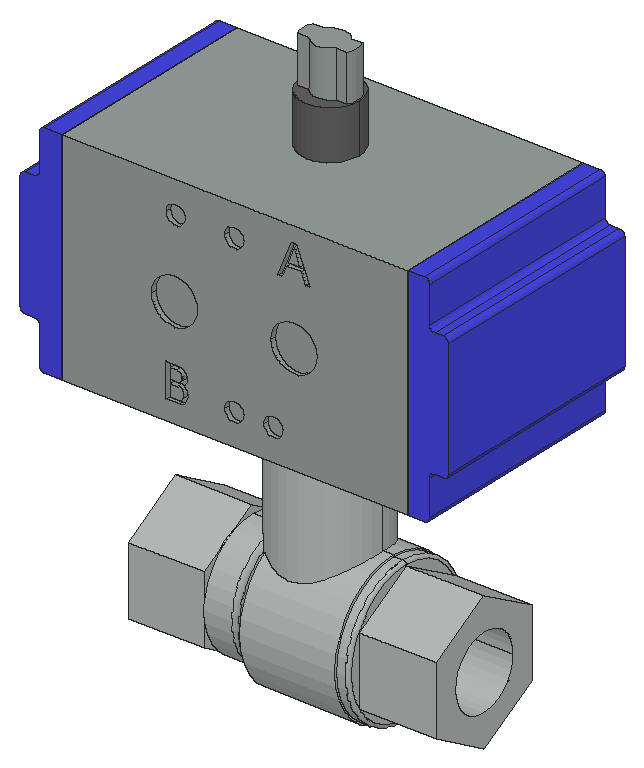
Revit family "QD34820000", category Apparecchi idraulici, Revit 2020
Family settings
  Quota connettore circolare = Usa diametro
  Tipo di parte = Normale
  Numero OmniClass = 23.45.00.00
  Titolo OmniClass = Sanitary, Laundry, and Cleaning Equipment
  Basato su piano di lavoro = No
  Sempre verticale = Sì
  Taglio con vuoti quando caricato = No
  Condiviso = No
  Punto di calcolo locali = No
Parameters
  URL = "https://web.cimberio.it/index.php/figura/1461?subcategoria_id=101"
  Temperatura di esercizio = "-20 ÷ 150°C"
  Prospetto di default = 0 mm
  Produttore = "CIMBERIO SPA"
  Pressione nominale = "PN 32"
  Pressione di esercizio attuatore = "da 2 a 10 bar (DN 15 ÷ 20), da 3 a 10 bar (DN 25),da 4 a 10 bar (DN 32)"
  Modello = "Cim 870PDD001"
  Materiale = "Prodotto in lega di ottone conforme alla norma EN 12165-CW617N-DW"
  Descrizione = "Utilizzato nei più svariati settori dell'impiantistica: impianti di riscaldamento, condizionamento, idrici, igienico-sanitari, aria compressa e in generale con ogni fluido non corrosivo.\r\nParticolarmente indicato come valvola di zona per la regolazione e contabilizzazione di impianti di riscaldamento singoli o a zone, impianti con utilizzazione di energie alternative, impianti con fluidi caldi o freddi e impianti di automazione in genere"
  DN Model [instance] = QD34821015 : QD34821015
  DN [instance] = 15 mm
  Commenti sul tipo = "Realizzato in ottemperanza ai requisiti gestionali della norma EN ISO 9001.\r\nCollaudato al 100% secondo la normativa EN 12266-1"
Reference planes
  plane 1 "Centro (Fronte/Retro)": y = 0
  plane 2: z = 0
  plane 3 "Centro (Sinistra/Destra)": x = 0
Dimensions and locks
  aligned and locked: level to plane 2
Nested families
  nested 1: "QD34821015" at (0, 0, 0), type <- "DN Model", type "QD34821015"
  nested 2: "QD34821015" at (0, 0, 0), type <- "DN Model", type "QD34821015"
  nested 3: "QD34821015" at (0, 0, 0), type <- "DN Model", type "QD34821015"
  nested 4: "QD34821015" at (0, 0, 0), type <- "DN Model", type "QD34821015"
Connectors
  piping at (-31.6, 0, 0), diameter 15, driven by "DN"
    settings: on nested 1, index 1, connector inside diameter 609.6 mm, connector length 0 mm, flow factor 0, pipe flow 0.0 L/s, pressure drop 0.0 Pa, fitting loss kfactor 0, connector angle 0.00°, fixture units 0, engagement length 0 mm, angle of deflection 0.00°, flow configuration 0, flow direction 0, fitting loss method 0, system type 19, joint type 0, gender type 0, connector reference index -1, connector utility 0, adjustable connector no, is connector primary yes, connector description ""
  piping at (31.6, 0, 0), diameter 15, driven by "DN"
    settings: on nested 1, index 2, connector inside diameter 609.6 mm, connector length 0 mm, flow factor 0, pipe flow 0.0 L/s, pressure drop 0.0 Pa, fitting loss kfactor 0, connector angle 0.00°, fixture units 0, engagement length 0 mm, angle of deflection 0.00°, flow configuration 0, flow direction 0, fitting loss method 0, system type 19, joint type 0, gender type 0, connector reference index -1, connector utility 0, adjustable connector no, is connector primary no, connector description ""
Definition of nested family "QD34821015"
  Parameters (values of type "QD34821015")
    URL = "https://web.cimberio.it/index.php/figura/394?subcategoria_id="
    Temperatura di esercizio = "-10 ÷ 95°C"
    Default Elevation = 0 mm
    Manufacturer = "CIMBERIO SPA"
    Pressione nominale = "PN 16"
    Model = "Cim 32"
    Materiale = "Prodotto in lega di ottone conforme alla norma EN 12165-CW617N-DW"
    Description = "Impiegato nei più svariati settori dell'impiantistica in condutture anti-ritorno per: reti di distribuzione acqua potabile, impianti di riscaldamento, condizionamento, igienico-sanitari e in generale con ogni fluido non corrosivo."
    DN [instance] = 50 mm
    Type Comments = "Realizzato in ottemperanza ai requisiti gestionali della norma EN ISO 9001.\r\nCollaudato al 100% secondo la normativa EN 12266-1"
  Reference planes
    plane 1 "Centro (Fronte/Retro)": y = 0
    plane 2: z = 0
    plane 3 "Centro (Sinistra/Destra)": x = 0
  Forms (mm)
    Revolve 1, solid
      sketch origin (51.589, 0, -3.5) x (-1, 0, 0) y (0, 0, -1)
        loop
          line (35.989, 4) -> (38.589, 4) -> (38.589, 11.25) -> (36.689, 11.25)
          arc (36.689, 11.25) -> (36.194, 11.045) -> (35.989, 10.55) r 0.7
          line (35.989, 10.55) -> (35.989, 4)
        axis (38.589, -3.5) -> (35.989, -3.5)
      angle from 0 to 360
    Revolve 2, solid
      sketch origin (51.589, 0, -3.5) x (-1, 0, 0) y (0, 0, -1)
        loop
          line (38.589, 4) -> (67.589, 4) -> (67.589, 9) -> (61.832, 9)
          arc (61.832, 9) -> (60.684, 9.228) -> (59.71, 9.879) r 3
          line (59.71, 9.879) -> (58.089, 11.5) -> (38.589, 11.5) -> (38.589, 4)
        axis (67.589, -3.5) -> (38.589, -3.5)
      angle from 0 to 360
    Extrusion 3, solid
      sketch origin (0, 0, 0) x (0, 1, 0) y (0, 0, 1)
        loop
          circle (0, 0) r 7.5
        loop
          line (0, 14) -> (-12.124, 7) -> (-12.124, -7) -> (0, -14) -> (12.124, -7) -> (12.124, 7) -> (0, 14)
      from -31.6 to -16
    Extrusion 4, solid
      sketch origin (0, 0, 0) x (0, 1, 0) y (0, 0, -1)
        loop
          circle (0, 0) r 7.5
        loop
          line (0, -14) -> (12.124, -7) -> (12.124, 7) -> (0, 14) -> (-12.124, 7) -> (-12.124, -7) -> (0, -14)
      from -31.6 to -15.6
    Revolve 5, solid
      sketch origin (51.589, 0, -3.5) x (-1, 0, 0) y (0, 0, -1)
        loop
          line (62.339, -39.814) -> (62.339, -9.295) -> (51.589, -9.295) -> (51.589, -39.814) -> (62.339, -39.814)
        axis (51.589, -39.814) -> (51.589, -9.295)
      angle from 0 to 360
    Extrusion 6, solid
      sketch origin (0, 0, 107.539) x (1, 0, 0) y (0, 1, 0)
        loop
          line (-35.5, 20.5) -> (-35.5, -24.5) -> (35.5, -24.5) -> (35.5, 20.5) -> (-35.5, 20.5)
      from -66.539 to -21.539
    Extrusion 7, solid
      sketch origin (0, 0, 0) x (1, 0, 0) y (0, 0, 1)
        loop
          arc (-39, 86) -> (-39.708, 85.707) -> (-40, 84.999) r 1
          line (-40, 84.999) -> (-40, 77.5)
          arc (-40, 77.5) -> (-40.293, 76.793) -> (-41, 76.5) r 1
          line (-41, 76.5) -> (-42.942, 76.5)
          arc (-42.942, 76.5) -> (-43.691, 76.189) -> (-44.002, 75.44) r 1.06
          line (-44.002, 75.44) -> (-44.002, 51.474)
          arc (-44.002, 51.474) -> (-43.662, 50.781) -> (-42.942, 50.5) r 1.064
          line (-42.942, 50.5) -> (-41, 50.5)
          arc (-41, 50.5) -> (-40.293, 50.207) -> (-40, 49.5) r 1
          line (-40, 49.5) -> (-40, 41.999)
          arc (-40, 41.999) -> (-39.706, 41.292) -> (-38.998, 41) r 1
          line (-38.998, 41) -> (-35.5, 41) -> (-35.5, 86) -> (-39, 86)
      from -20.5 to 24.5
    Extrusion 8, solid
      sketch origin (0, 0, 0) x (-1, 0, 0) y (0, 0, -1)
        loop
          line (-39, -86) -> (-35.5, -86) -> (-35.5, -41) -> (-38.998, -41)
          arc (-38.998, -41) -> (-39.706, -41.292) -> (-40, -41.999) r 1
          line (-40, -41.999) -> (-40, -49.5)
          arc (-40, -49.5) -> (-40.293, -50.207) -> (-41, -50.5) r 1
          line (-41, -50.5) -> (-42.942, -50.5)
          arc (-42.942, -50.5) -> (-43.662, -50.781) -> (-44.002, -51.474) r 1.064
          line (-44.002, -51.474) -> (-44.002, -75.44)
          arc (-44.002, -75.44) -> (-43.691, -76.189) -> (-42.942, -76.5) r 1.06
          line (-42.942, -76.5) -> (-41, -76.5)
          arc (-41, -76.5) -> (-40.293, -76.793) -> (-40, -77.5) r 1
          line (-40, -77.5) -> (-40, -84.999)
          arc (-40, -84.999) -> (-39.708, -85.707) -> (-39, -86) r 1
      from -20.5 to 24.5
    Extrusion 9, solid
      sketch origin (0, 0, 0) x (1, 0, 0) y (0, 0, 1)
        loop
          line (-19.447, 41) -> (-19.447, 34.337)
          spline (-19.447, 34.337) -> (-19.438, 34.206) -> (-19.413, 34.078) -> (-19.371, 33.954) -> (-19.313, 33.837) -> (-19.24, 33.728) -> (-19.154, 33.63) -> (-19.056, 33.543) -> (-18.947, 33.471) -> (-18.83, 33.413) -> (-18.706, 33.371) -> (-18.578, 33.345) -> (-18.447, 33.337)
          line (-18.447, 33.337) -> (-15.923, 33.337) -> (16.973, 33.337) -> (18.447, 33.337)
          spline (18.447, 33.337) -> (18.578, 33.345) -> (18.706, 33.371) -> (18.83, 33.413) -> (18.947, 33.471) -> (19.056, 33.543) -> (19.154, 33.63) -> (19.24, 33.728) -> (19.313, 33.837) -> (19.371, 33.954) -> (19.413, 34.078) -> (19.438, 34.206) -> (19.447, 34.337)
          line (19.447, 34.337) -> (19.447, 41) -> (-19.447, 41)
      from 12 to -12
    Extrusion 10, void
      sketch origin (35.5, -24.5, 107.539) x (1, 0, 0) y (0, 0, -1)
        loop
          line (-49.62, 62.638) -> (-49.62, 55.638) -> (-46.999, 55.638)
          arc (-46.999, 55.638) -> (-45.223, 56.862) -> (-45.734, 58.958) r 1.901
          arc (-45.734, 58.958) -> (-45.048, 61.248) -> (-46.992, 62.638) r 2.055
          line (-46.992, 62.638) -> (-49.62, 62.638)
        loop
          line (-48.633, 59.407) -> (-47.09, 59.407)
          arc (-47.09, 59.407) -> (-45.879, 60.619) -> (-47.09, 61.83) r 1.212
          line (-47.09, 61.83) -> (-48.633, 61.83) -> (-48.633, 59.407)
        loop
          line (-48.633, 56.445) -> (-47.299, 56.445)
          arc (-47.299, 56.445) -> (-46.222, 57.522) -> (-47.299, 58.599) r 1.077
          line (-47.299, 58.599) -> (-48.633, 58.599) -> (-48.633, 56.445)
        loop
          line (-23.79, 24.669) -> (-22.677, 24.669) -> (-19.897, 31.669) -> (-20.945, 31.669) -> (-21.741, 29.515) -> (-24.725, 29.515) -> (-25.522, 31.669) -> (-26.569, 31.669) -> (-23.79, 24.669)
        loop
          line (-22.039, 28.707) -> (-24.428, 28.707) -> (-23.233, 25.476) -> (-22.039, 28.707)
        loop
          circle (-47.5, 28.039) r 2
        loop
          circle (-35.5, 28.039) r 2
        loop
          circle (-47.75, 44.039) r 4.75
        loop
          circle (-23.25, 44.039) r 4.75
        loop
          circle (-35.5, 60.039) r 2
        loop
          circle (-27.5, 60.039) r 2
      from -0.5 to 1
    Extrusion 11, solid
      sketch origin (0, 0, 86) x (1, 0, 0) y (0, 1, 0)
        loop
          circle (0, 0) r 6
      from 0 to 10
    Extrusion 12, solid
      sketch origin (0, 0, 86) x (1, 0, 0) y (0, 1, 0)
        loop
          line (-2.687, 2) -> (-5.123, 2)
          arc (-5.123, 2) -> (-5.5, 0) -> (-5.123, -2) r 5.5
          line (-5.123, -2) -> (-2.687, -2)
          arc (-2.687, -2) -> (0, -3.35) -> (2.687, -2) r 3.35
          line (2.687, -2) -> (5.123, -2)
          arc (5.123, -2) -> (5.5, 0) -> (5.123, 2) r 5.5
          line (5.123, 2) -> (2.687, 2)
          arc (2.687, 2) -> (0, 3.35) -> (-2.687, 2) r 3.35
      from 19.5 to 10
    Extrusion 13, void
      sketch origin (-35.5, 24.5, 107.539) x (-1, 0, 0) y (0, 0, -1)
        loop
          line (-49.62, 62.638) -> (-49.62, 55.638) -> (-46.999, 55.638)
          arc (-46.999, 55.638) -> (-45.223, 56.862) -> (-45.734, 58.958) r 1.901
          arc (-45.734, 58.958) -> (-45.048, 61.248) -> (-46.992, 62.638) r 2.055
          line (-46.992, 62.638) -> (-49.62, 62.638)
        loop
          line (-48.633, 59.407) -> (-47.09, 59.407)
          arc (-47.09, 59.407) -> (-45.879, 60.619) -> (-47.09, 61.83) r 1.212
          line (-47.09, 61.83) -> (-48.633, 61.83) -> (-48.633, 59.407)
        loop
          line (-48.633, 56.445) -> (-47.299, 56.445)
          arc (-47.299, 56.445) -> (-46.222, 57.522) -> (-47.299, 58.599) r 1.077
          line (-47.299, 58.599) -> (-48.633, 58.599) -> (-48.633, 56.445)
        loop
          line (-23.79, 24.669) -> (-22.677, 24.669) -> (-19.897, 31.669) -> (-20.945, 31.669) -> (-21.741, 29.515) -> (-24.725, 29.515) -> (-25.522, 31.669) -> (-26.569, 31.669) -> (-23.79, 24.669)
        loop
          line (-22.039, 28.707) -> (-24.428, 28.707) -> (-23.233, 25.476) -> (-22.039, 28.707)
        loop
          circle (-47.5, 28.039) r 2
        loop
          circle (-35.5, 28.039) r 2
        loop
          circle (-47.75, 44.039) r 4.75
        loop
          circle (-23.25, 44.039) r 4.75
        loop
          circle (-35.5, 60.039) r 2
        loop
          circle (-27.5, 60.039) r 2
      from 3.489 to 5.405
  Cuts and joins
    Extrusion 10, Extrusion 13 cuts Extrusion 6
  Dimensions and locks
    aligned and locked: level to plane 2
